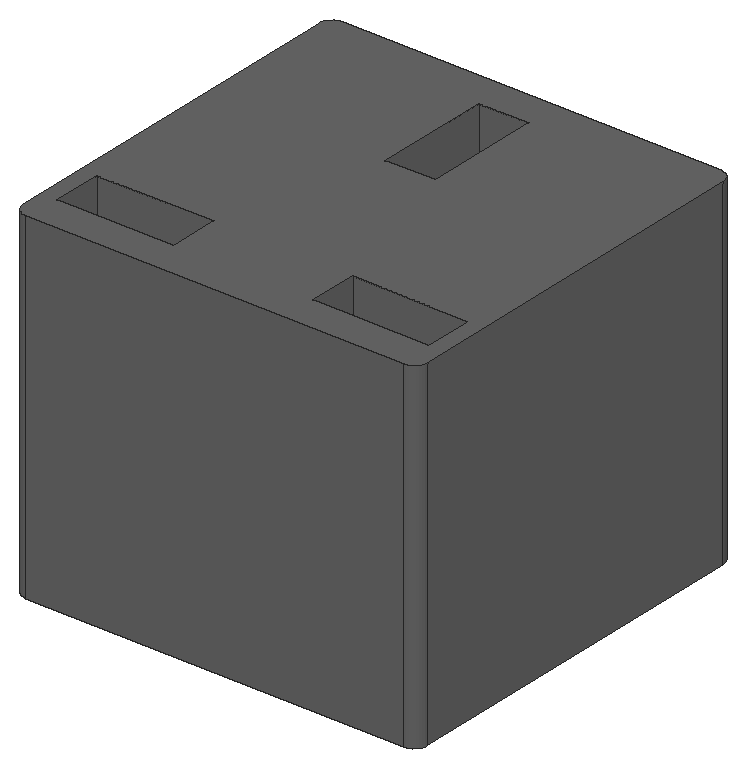
Revit family "Domotics-DomesticRanges-GEWISS-SYSTEM_POWER-SOCKET-OUTLET_ENG_13A", category Apparecchi elettrici, host Superficie, Revit 2016
Family settings
  Host = Superficie
  Mantenere orientamento annotazione = Sì
  Tipo di parte = Normale
  Quota connettore circolare = Usa diametro
  Taglio con vuoti quando caricato = Sì
  Condiviso = Sì
  Punto di calcolo locali = Sì
Parameters (values of type "GW21208 - 13a 2P+E british std socket outlet black")
  Voltage: = "250 V ac"
  Voltage = "250 V ac"
  Volt = 230 V
  Vista in pianta [instance] = yes
  Version file RFA = "19.4"
  URL = "https://www.gewiss.com/ww/en"
  Technical sheet = "https://www.gewiss.com/ww/en/search?q=GW21208"
  TXT ELETTRICO = "13"
  TIPO_ = System Prese Eng 13A_GENERICO : GW21208 Presa 2P+T 13A British standard nero
  Standard: = "UK"
  Standard = "UK"
  Simbolo [instance] = yes
  SEO = "Socket outlet"
  Realized by GEWISS S.p.A. = ""
  Default Elevation = 1219.2 mm
  Produttore = "GEWISS S.p.A."
  Offset presa [instance] = 0 mm
  Offset bidimensionale [instance] = 39 mm
  No. SYSTEM modules = "2"
  N. poli = 1
  Modello = "GW21208"
  Immagine tipo = GW21208.jpg
  IFC.TypeObject = ""
  IFC.ExportType = ""
  IFC.ExportAs = ""
  IDT = "ea8232a1-3623-4362-8b10-0228dc8f8b87"
  IDF = "bf5200a6-ad97-4bd5-96ee-6193f8f2a0b4"
  For plug pins = "Flat"
  Electrocod = "0131"
  EAN code = "8011564128507"
  Distanza_x [instance] = 0 mm
  Distanza_effettiva_y [instance] = 100 mm
  Distanza_effettiva_x [instance] = 1000 mm - Distanza_x  # 1000 mm
  Distanza orizzontale del simbolo [instance] = 125.868 mm
  Distanza dal muro [instance] = 4.208 mm
  Descrizione = "13A 2P+E BRITISH STD SOCKET OUTLET SY/BK"
  Description: = "2P+E - 13 A"
  Description. = "UK"
  Colour = "Black"
  Catalogue Range = "SYSTEM - DOMESTIC RANGE"
  Catalogue = "DOMOTICS"
  Carico apparente = 0 VA
  COBie.Tagnumber = ""
  COBie.CreatedOn = ""
  COBie.CreatebBy = ""
  COBie.ComponentRegisterItemID = ""
  COBie.Component.TagNumber = ""
  COBie.Component.Space = ""
  COBie.Component.SerialNumber = ""
  COBie.Component.InstallationDate = ""
  COBie.Component.Description = ""
  COBie.Component.BarCode = ""
Types (2, lengths in mm): name | Technical sheet | TIPO_ | Modello | Immagine tipo | IDT | EAN code | Descrizione | Colour
  GW20208 - 13a 2P+E british std socket outlet white | "https://www.gewiss.com/ww/en/search?q=GW20208" | System Prese Eng 13A_GENERICO : GW20208 Presa 2P+T 13A British standard bianco | "GW20208" | GW20208.jpg | "018e3738-56cf-4368-8083-9e52b0523043" | "8011564000605" | "13A 2P+E BRITISH STD SOCKET OUTLET SY/WT" | "White"
  GW21208 - 13a 2P+E british std socket outlet black | "https://www.gewiss.com/ww/en/search?q=GW21208" | System Prese Eng 13A_GENERICO : GW21208 Presa 2P+T 13A British standard nero | "GW21208" | GW21208.jpg | "ea8232a1-3623-4362-8b10-0228dc8f8b87" | "8011564128507" | "13A 2P+E BRITISH STD SOCKET OUTLET SY/BK" | "Black"
Reference planes
  plane 1 "Centro (Fronte/Retro)": y = 0
  plane 2: z = 0
  plane 3 "Centro (Sinistra/Destra)": x = 0
  plane 4: x = -1000
  plane 5: x = 0
  plane 6: y = 100
  plane 7: z = 0
  plane 8: z = 39
Lines and regions (mm)
  Masking region 1, visible <- "Vista in pianta"
    outline origin (0, 0, 0) x (1, 0, 0) y (0, 0, 1)
      loop
        line (-23, 39) -> (-23, 0) -> (23, 0) -> (23, 39) -> (-23, 39)
  Masking region 2, visible <- "Vista in pianta"
    outline origin (0, 0, 25) x (0, 1, 0) y (0, 0, 1)
      loop
        line (-22.5, 14) -> (-22.5, -25) -> (22.5, -25) -> (22.5, 14) -> (-22.5, 14)
  Masking region 3, visible <- "Vista in pianta"
    outline origin (0, 0, 0) x (1, 0, 0) y (0, 1, 0)
      loop
        line (-23, 22.5) -> (-23, -22.5) -> (23, -22.5) -> (23, 22.5) -> (-23, 22.5)
      loop
        line (-2.855, 18.547) -> (-2.855, 5.262) -> (2.855, 5.262) -> (2.855, 18.547) -> (-2.855, 18.547)
      loop
        line (-21.19, -12.846) -> (-21.19, -18.555) -> (-7.905, -18.555) -> (-7.905, -12.846) -> (-21.19, -12.846)
      loop
        line (7.905, -12.846) -> (7.905, -18.555) -> (21.19, -18.555) -> (21.19, -12.846) -> (7.905, -12.846)
  Masking region 4, visible <- "Vista in pianta"
    outline origin (0, 0, 0) x (0, 1, 0) y (0, 0, 1)
      loop
        line (-22.5, 39) -> (-22.5, 0) -> (22.5, 0) -> (22.5, 39) -> (-22.5, 39)
  Masking region 5, visible <- "Vista in pianta"
    outline origin (0, 0, 0) x (1, 0, 0) y (0, 0, 1)
      loop
        line (-23, 39) -> (-23, 0) -> (23, 0) -> (23, 39) -> (-23, 39)
Dimensions and locks
  plane 4 to plane 3 "Centro (Sinistra/Destra)" = 1000 mm
  "Distanza_effettiva_x": plane 4 to plane 5
  "Distanza_effettiva_y": plane 6 to plane 1 "Centro (Fronte/Retro)"
  "Offset presa": plane 7 to host face
  "Offset bidimensionale": plane 8 to host face
  aligned and locked: plane 2 to host face
  aligned and locked: level to host face
  aligned and locked: plane 5 to nested 2
  aligned and locked: nested 2 to plane 6
  aligned and locked: Masking region 1 sketch curve to nested 1  (x4)
  aligned and locked: Masking region 2 sketch curve to nested 1  (x4)
  aligned and locked: plane 1 "Centro (Fronte/Retro)" to nested 1
  aligned and locked: plane 5 to nested 1
  aligned and locked: Masking region 3 sketch curve to nested 1  (x4)
  aligned and locked: nested 1 to plane 7
  aligned and locked: Masking region 2 to plane 7
  aligned and locked: plane 7 to nested 1
  aligned and locked: Masking region 4 sketch curve to nested 1  (x4)
  aligned and locked: Masking region 5 sketch curve to nested 1  (x4)
  aligned and locked: plane 8 to import instance
Automatic sketch dimensions
  host sketch curve to host sketch curve = 2438.4 mm  (x2)
  Masking region 3 sketch curve to Masking region 3 sketch curve = 1.81 mm  (x2)
  Masking region 3 sketch curve to plane 3 "Centro (Sinistra/Destra)" = 7.905 mm
  Masking region 3 sketch curve to plane 3 "Centro (Sinistra/Destra)" = 2.855 mm
  plane 3 "Centro (Sinistra/Destra)" to Masking region 3 sketch curve = 2.855 mm
  plane 3 "Centro (Sinistra/Destra)" to Masking region 3 sketch curve = 7.905 mm
  Masking region 3 sketch curve to Masking region 3 sketch curve = 3.945 mm  (x2)
  Masking region 3 sketch curve to Masking region 3 sketch curve = 5.709 mm  (x2)
  Masking region 3 sketch curve to plane 1 "Centro (Fronte/Retro)" = 5.262 mm
  Masking region 3 sketch curve to Masking region 3 sketch curve = 13.285 mm
Nested families
  nested 1: "System Prese Eng 13A_GENERICO" at (0, 0, 0), type <- "TIPO_", type "GW21208 Presa 2P+T 13A British standard nero", detail levels medium+fine
  nested 2: "SIMBOLO PRESE" at (0, 100, 0), TESTO ELETTRICO <- "TXT ELETTRICO", Distanza dal muro <- "Distanza dal muro", SIMBOLO <- "Simbolo", visible <- "Simbolo", type "PRESA"
    with TESTO ELETTRICO "13", SIMBOLO yes, Distanza dal muro 4.208 mm, BORDO ACCESO yes
Connectors
  electrical at (0, 0, 0), driven by "N. poli", driven by "Volt", driven by "Carico apparente"
    settings: on nested 1, index 1, voltage 230 V, apparent load 0 VA, apparent load phase1 0 VA, apparent load phase2 0 VA, apparent load phase3 0 VA, power factor 1, load classification "Altro", number of poles 1, system type 31, power factor state 1, is connector primary yes, connector utility no, sub classification motor no, connector description ""
Definition of nested family "System Prese Eng 13A_GENERICO"
  Parameters (values of type "GW21208 Presa 2P+T 13A British standard nero")
    Profondità presa = 39 mm
    Finitura Placca British = none
    Altezza da Terra = 750 mm
  Types (2): name
    GW21208 Presa 2P+T 13A British standard nero
    GW20208 Presa 2P+T 13A British standard bianco
  Reference planes
    plane 1 "Centro (Fronte/Retro)": y = 0
    plane 2: z = 0
    plane 3 "Centro (Sinistra/Destra)": x = 0
    plane 4: x = -23
    plane 5: x = 23
    plane 6: z = 34
    plane 7: z = 36.5
    plane 8: z = 39
  Forms (mm)
    Extrusion 1, solid, material <- "Finitura Placca British"
      sketch origin (0, -772.5, 39) x (1, 0, 0) y (0, 1, 0)
        loop
          arc (-21.5, 795) -> (-22.561, 794.561) -> (-23, 793.5) r 1.5
          line (-23, 793.5) -> (-23, 751.5)
          arc (-23, 751.5) -> (-22.561, 750.439) -> (-21.5, 750) r 1.5
          line (-21.5, 750) -> (21.5, 750)
          arc (21.5, 750) -> (22.561, 750.439) -> (23, 751.5) r 1.5
          line (23, 751.5) -> (23, 793.5)
          arc (23, 793.5) -> (22.561, 794.561) -> (21.5, 795) r 1.5
          line (21.5, 795) -> (-21.5, 795)
      from 0 to -39
    Extrusion 2, void
      sketch origin (0, -772.5, 39) x (1, 0, 0) y (0, 1, 0)
        loop
          line (-2.855, 791.047) -> (-2.855, 777.762) -> (2.855, 777.762) -> (2.855, 791.047) -> (-2.855, 791.047)
        loop
          line (-21.19, 759.654) -> (-21.19, 753.945) -> (-7.905, 753.945) -> (-7.905, 759.654) -> (-21.19, 759.654)
        loop
          line (21.19, 759.654) -> (7.905, 759.654) -> (7.905, 753.945) -> (21.19, 753.945) -> (21.19, 759.654)
      from 0 to -7.5
  Cuts and joins
    Extrusion 2 cuts Extrusion 1
  Dimensions and locks
    locked: plane 4 to plane 5 at 46
    "Profondità presa": plane 8 to level
    aligned and locked: level to plane 2
    aligned and locked: cut or joined group of Extrusion 1, Extrusion 2 to plane 4
    aligned and locked: plane 5 to cut or joined group of Extrusion 1, Extrusion 2
    aligned and locked: Extrusion 1 to level
  Automatic sketch dimensions
    Extrusion 1 sketch curve to plane 4 = 0 mm
    Extrusion 1 sketch curve to plane 5 = 0 mm
    plane 4 to Extrusion 1 sketch curve = 1.5 mm  (x2)
    Extrusion 1 sketch curve to plane 5 = 1.5 mm  (x2)
    plane 1 "Centro (Fronte/Retro)" to Extrusion 1 sketch curve = 22.5 mm
    Extrusion 1 sketch curve to plane 1 "Centro (Fronte/Retro)" = 21 mm
    plane 4 to Extrusion 2 sketch curve = 1.81 mm
    Extrusion 2 sketch curve to plane 3 "Centro (Sinistra/Destra)" = 7.905 mm
    Extrusion 2 sketch curve to plane 3 "Centro (Sinistra/Destra)" = 2.855 mm
    plane 3 "Centro (Sinistra/Destra)" to Extrusion 2 sketch curve = 2.855 mm
    plane 3 "Centro (Sinistra/Destra)" to Extrusion 2 sketch curve = 7.905 mm
    Extrusion 2 sketch curve to plane 5 = 1.81 mm
    plane 1 "Centro (Fronte/Retro)" to Extrusion 2 sketch curve = 18.555 mm  (x2)
    Extrusion 2 sketch curve to Extrusion 2 sketch curve = 5.709 mm  (x2)
    Extrusion 2 sketch curve to plane 1 "Centro (Fronte/Retro)" = 5.262 mm
    Extrusion 2 sketch curve to Extrusion 2 sketch curve = 13.285 mm
Definition of nested family "SIMBOLO PRESE"
  Parameters (values of type "PRESA")
    TESTO ELETTRICO [instance] = "TXT"
    Simbolo = SIMBOLO PRESE_BASE : PRESA
    SIMBOLO [instance] = yes
    Distanza dal muro [instance] = 4.208 mm
    BORDO ACCESO [instance] = yes
  Reference planes
    plane 1: y = 0
    plane 2: x = 0
  Dimensions and locks
    aligned and locked: plane 1 to nested 1
    aligned and locked: plane 2 to nested 1
  Nested families
    nested 1: "SIMBOLO PRESE_BASE" at (0, 0, 0), type <- "Simbolo", TESTO ELETTRICO <- "TESTO ELETTRICO", BORDO ACCESO <- "BORDO ACCESO", visible <- "SIMBOLO", type "PRESA"
      with TESTO ELETTRICO "TXT", BORDO ACCESO yes
  Definition of nested family "SIMBOLO PRESE_BASE"
    Parameters (values of type "PRESA")
      TESTO ELETTRICO [instance] = "TXT"
      Distanza dal muro = 4.208 mm
      BORDO ACCESO [instance] = yes
    Reference planes
      plane 1: y = 0
      plane 2: x = 0
    Lines and regions (mm)
      detail lines, visible <- "BORDO ACCESO", not visible
        curve 1: line (-1.743, 9.208, 0) -> (2.057, 9.208, 0)
        curve 2: line (2.057, 9.208, 0) -> (2.057, 4.208, 0)
        curve 3: line (2.057, 4.208, 0) -> (-1.743, 4.208, 0)
        curve 4: line (-1.743, 4.208, 0) -> (-1.743, 9.208, 0)
        curve 5: line (-1.543, 9.008, 0) -> (1.857, 9.008, 0)
        curve 6: line (1.857, 9.008, 0) -> (1.857, 4.408, 0)
        curve 7: line (1.857, 4.408, 0) -> (-1.543, 4.408, 0)
        curve 8: line (-1.543, 4.408, 0) -> (-1.543, 9.008, 0)
      detail lines
        curve 9: line (0.783, 1.133, 0) -> (-0.783, 1.133, 0)
        curve 10: line (0, 1.133, 0) -> (0, 0.349, 0)
        curve 11: arc (-0.783, 1.916, 0) -> (0, 1.133, 0) -> (0.783, 1.916, 0) r 0.783
    Text (mm)
      label "TXT" at (0.016, 1.578, 0), shows "TESTO ELETTRICO"
